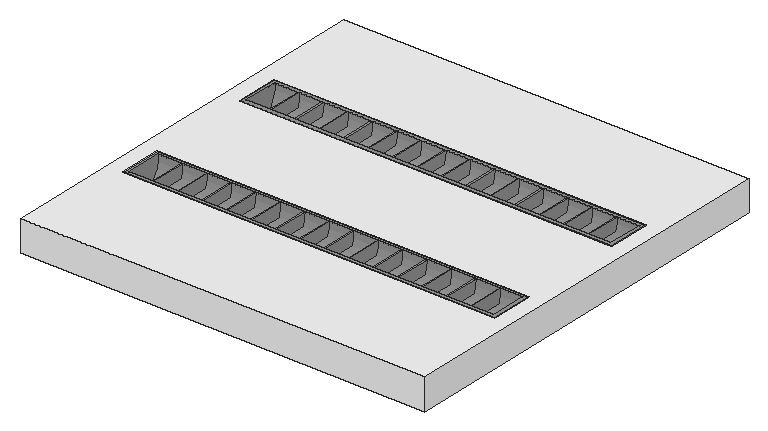
Revit family "0051235 Lighting Fixture_Sylvania_Rana LED 615x615-DALI Dimmable-4000K_Surface Mounted", category Lighting Fixtures, host Face, Revit 2015
Parameters (values of type "RANA LED D W CM+P 2*LH DA 4K")
  Width = 615.0 mm
  Weight = 3.50 kg
  Wattage = 64.3617 W
  built-in parameter 1150110 = 1 (stored number, unit not read)
  Voltage Comments = "UNV (Universal Voltage; 220-240 Volt)"  # constant formula
  Voltage = 230 V  # constant formula
  URL = "http://www.feilosylvania.com/"
  built-in parameter 1114217 = 1 (stored number, unit not read)
  Tilt Angle = -90.00°
  built-in parameter 1150109 = 1 (stored number, unit not read)
  built-in parameter 1150134 = 12
  built-in parameter 1150113 = 1 (stored number, unit not read)
  Reflector Material = Steel_Sylvania_RanaLED_Silver
  Product Page URL = "http://www.feilosylvania.com/product/en-int/products/0051235"
  Product Family = "Rana LED 615x615-Dali Dimmable-4000K Lamp"  # constant formula
  Photometry Comments = ""
  Photometric Web File = "0051235_RANALEDDWCM+P2LHDA4K-186740.ies"
  Louver Length = Length - 50.0 mm  # 565.0 mm
  Life = "50 000h"  # constant formula
  Length = Width  # 615.0 mm
  IP Rating = "20"  # constant formula
  IK Rating = "07"  # constant formula
  Height = 47.0 mm
  Energy Class = "A++, A+, A"  # constant formula
  built-in parameter 1114216 [instance] = 1 (stored number, unit not read)
  Model = "RANA LED D W CM+P 2*LH DA 4K"
  Manufacturer = "Feilo Sylvania"  # constant formula
  built-in parameter 1150105 = 3465.5 (stored number, unit not read)
  Lumens = 6050 lm
  built-in parameter 1150115 = 1 (stored number, unit not read)
  built-in parameter 1150137 = (empty or 0)
  built-in parameter 1150139 = (empty or 0)
  built-in parameter 1150112 = 1 (stored number, unit not read)
  built-in parameter 1150114 = 1 (stored number, unit not read)
  Lamp = "Integrated LED"  # constant formula
  built-in parameter 1150132 = 2
  built-in parameter 1150102 = (empty or 0)
  built-in parameter 1150107 = 4000 (stored number, unit not read)
  built-in parameter 1150138 = (empty or 0)
  built-in parameter 1150106 = 34.655 (stored number, unit not read)
  Emit from Rectangle Width = 287.0 mm  # constant formula
  Emit from Rectangle Length = Louver Length  # 565.0 mm
  Emit Shape Visible in Rendering = no
  built-in parameter 1150104 = 8.7329 (stored number, unit not read)
  Dimming Lamp Color Temperature Shift = <None>
  Description = "Provides perfect uniform light distribution greatly enhancing the lit space. Low profile for ease of installation in restricted ceiling voids. Two stage optic for optimum comfort and efficiency. UGR19 office compliant. Enclosed design reduces dust ingress and improves Lumen Maintenance Factor (LMF). 32W - 69W LED surface luminaire. Rana LED is perfect for office lighting applications, schools, airports and general lighting applications. Available with a satin optic and micro prism diffuser. Available in surface (615 X 615, 1183 X 1187). Rana LED delivers high efficiency up to 6,050lm (luminaire lumen output on 4,000K version), equating to 101lm/W (total system efficiency). Available in warm white (3,000K) and neutral white (4,000K). Integrated LED solution that has the same aesthetics as a T5 or T8 diffuse luminaire. Energy efficient electronic gear including DALI and 3 hour emergency versions as standard. Long lifetime: 50,000 hours life at 70% of the original output L70. Less maintenance is required due to the long lifetime of 50,000hrs. Energy Class: A++, A+, A. LED technology provides an energy efficient solution with reduced maintenance costs. Comes complete with safety cable"  # constant formula
  Default Elevation = 0.0 mm
  Color Filter = 16777215
  Catalog Number = "0051235 RANA LED D W CM+P 2*LH DA 4K"
  built-in parameter 1140040 [instance] = 1
  built-in parameter 1114218 = 1 (stored number, unit not read)
  built-in parameter 1150133 = 10 (stored number, unit not read)
  Assembly Code = "D5020200"
  Apparent Load Comments = ""
  Apparent Load = 64 VA
  Accessory Material = Aluminum_Sylvania_RanaLED_White
Types (5, lengths in mm): name | Weight | Wattage | built-in parameter 1150134 | Product Page URL | Photometric Web File | Model | built-in parameter 1150105 | Lumens | built-in parameter 1150107 | built-in parameter 1150106 | Catalog Number | Apparent Load
  RANA LED D W CM+P 2*LL 3K | 5.10 kg | 31.5957 W | (empty or 0) | "http://www.feilosylvania.com/product/en-int/products/0051223" | "0051223_RANALEDDWCM+P2LL3K-186491.ies" | "RANA LED D W CM+P 2*LL 3K" | 1712 (stored number, unit not read) | 2970 lm | 3000 (stored number, unit not read) | 17.12 (stored number, unit not read) | "0051223 RANA LED D W CM+P 2*LL 3K" | 32 VA
  RANA LED D W CM+P 3*LL 3K | 5.10 kg | 47.5532 W | (empty or 0) | "http://www.feilosylvania.com/product/en-int/products/0051231" | "0051231_RANALEDDWCM+P3LL3K-186501.ies" | "RANA LED D W CM+P 3*LL 3K" | 355.71 (stored number, unit not read) | 4470 lm | 3000 (stored number, unit not read) | 3.5571 (stored number, unit not read) | "0051231 RANA LED D W CM+P 3*LL 3K" | 48 VA
  RANA LED D W CM+P 2*LH 3K | 3.50 kg | 60.1064 W | (empty or 0) | "http://www.feilosylvania.com/product/en-int/products/0051239" | "0051239_RANALEDDWCM+P2LH3K-186511.ies" | "RANA LED D W CM+P 2*LH 3K" | 3250.7 (stored number, unit not read) | 5650 lm | 3000 (stored number, unit not read) | 32.507 (stored number, unit not read) | "0051239 RANA LED D W CM+P 2*LH 3K" | 64 VA
  RANA LED D W CM+P 2*LH 4K | 3.50 kg | 64.3617 W | 12 | "http://www.feilosylvania.com/product/en-int/products/0051234" | "0051234_RANALEDDWCM+P2LH4K-186556.ies" | "RANA LED D W CM+P 2*LH 4K" | 3465.5 (stored number, unit not read) | 6050 lm | 4000 (stored number, unit not read) | 34.655 (stored number, unit not read) | "0051234 RANA LED D W CM+P 2*LH 4K" | 64 VA
  RANA LED D W CM+P 2*LH DA 4K | 3.50 kg | 64.3617 W | 12 | "http://www.feilosylvania.com/product/en-int/products/0051235" | "0051235_RANALEDDWCM+P2LHDA4K-186740.ies" | "RANA LED D W CM+P 2*LH DA 4K" | 3465.5 (stored number, unit not read) | 6050 lm | 4000 (stored number, unit not read) | 34.655 (stored number, unit not read) | "0051235 RANA LED D W CM+P 2*LH DA 4K" | 64 VA
Reference planes
  plane 1 "Center (Front/Back)": y = 0
  plane 2 "Fixture Top": z = 0
  plane 3 "Center (Left/Right)": x = 0
  plane 4 "Fixture Left": x = -307.5
  plane 5 "Fixture Right": x = 307.5
  plane 6 "Fixture Back": y = 307.5
  plane 7 "Fixture Front": y = -307.5
  plane 8: x = -305.5
  plane 9: x = 305.5
  plane 10: y = 305.5
  plane 11: y = -305.5
  plane 12: y = 143.5
  plane 13: x = -282.5
  plane 14: x = 282.5
  plane 15: y = 78.5
  plane 16: y = -143.5
  plane 17: y = -78.5
  plane 18 "Fixture Bottom": z = 47
  plane 19: z = 45
  plane 20: z = 2
Forms (mm)
  Extrusion 1, solid, material "Aluminum_Sylvania_RanaLED_White" <- "Accessory Material", detail levels fine
    sketch origin (0, 0, 60) x (-1, 0, 0) y (0, -1, 0)
      loop
        line (307.5, -307.5) -> (307.5, 307.5) -> (-307.5, 307.5) -> (-307.5, -307.5) -> (307.5, -307.5)
      loop
        line (282.5, -78.5) -> (-282.5, -78.5) -> (-282.5, -143.5) -> (282.5, -143.5) -> (282.5, -78.5)
      loop
        line (-282.5, 78.5) -> (282.5, 78.5) -> (282.5, 143.5) -> (-282.5, 143.5) -> (-282.5, 78.5)
    from -15 to -13
  Extrusion 2, solid, material "Aluminum_Sylvania_RanaLED_White" <- "Accessory Material", detail levels fine
    sketch origin (0, 0, 60) x (-1, 0, 0) y (0, -1, 0)
      loop
        line (-307.5, -307.5) -> (307.5, -307.5) -> (307.5, 307.5) -> (-307.5, 307.5) -> (-307.5, -307.5)
      loop
        line (-305.5, -305.5) -> (305.5, -305.5) -> (305.5, 305.5) -> (-305.5, 305.5) -> (-305.5, -305.5)
    from -58 to -15
  Extrusion 3, solid, material "Aluminum_Sylvania_RanaLED_White" <- "Accessory Material", detail levels fine
    sketch origin (0, 0, 60) x (-1, 0, 0) y (0, -1, 0)
      loop
        line (-307.5, -307.5) -> (307.5, -307.5) -> (307.5, 307.5) -> (-307.5, 307.5) -> (-307.5, -307.5)
    from -60 to -58
  Extrusion 4, solid, material "Aluminum_Sylvania_RanaLED_White" <- "Accessory Material", detail levels coarse+medium
    sketch origin (0, 0, 60) x (-1, 0, 0) y (0, -1, 0)
      loop
        line (307.5, -307.5) -> (307.5, 307.5) -> (-307.5, 307.5) -> (-307.5, -307.5) -> (307.5, -307.5)
    from -60 to -13
Cuts and joins
  joined: Extrusion 1, Extrusion 2, Extrusion 3
Dimensions and locks
  equal spacing: plane 6 "Fixture Back", plane 1 "Center (Front/Back)", plane 7 "Fixture Front"
  "Width": plane 6 "Fixture Back" to plane 7 "Fixture Front"
  equal spacing: plane 4 "Fixture Left", plane 3 "Center (Left/Right)", plane 5 "Fixture Right"
  "Length": plane 4 "Fixture Left" to plane 5 "Fixture Right"
  locked: plane 4 "Fixture Left" to plane 8 at 2
  locked: plane 9 to plane 5 "Fixture Right" at 2
  locked: plane 6 "Fixture Back" to plane 10 at 2
  locked: plane 7 "Fixture Front" to plane 11 at 2
  locked: plane 4 "Fixture Left" to plane 13 at 25
  locked: plane 14 to plane 5 "Fixture Right" at 25
  locked: plane 12 to plane 1 "Center (Front/Back)" at 143.5
  locked: plane 16 to plane 1 "Center (Front/Back)" at 143.5
  locked: plane 1 "Center (Front/Back)" to plane 15 at 78.5
  locked: plane 17 to plane 1 "Center (Front/Back)" at 78.5
  "Height": plane 18 "Fixture Bottom" to plane 2 "Fixture Top"
  locked: plane 18 "Fixture Bottom" to plane 19 at 2
  locked: plane 20 to plane 2 "Fixture Top" at 2
  aligned and locked: plane 2 "Fixture Top" to host face
  aligned and locked: level to host face
  aligned and locked: Extrusion 1 sketch curve to plane 6 "Fixture Back"
  aligned and locked: plane 4 "Fixture Left" to Extrusion 1 sketch curve
  aligned and locked: Extrusion 1 sketch curve to plane 7 "Fixture Front"
  aligned and locked: plane 5 "Fixture Right" to Extrusion 1 sketch curve
  aligned and locked: Extrusion 1 sketch curve to plane 15
  aligned and locked: Extrusion 1 sketch curve to plane 13  (x2)
  aligned and locked: plane 12 to Extrusion 1 sketch curve
  aligned and locked: Extrusion 1 sketch curve to plane 14  (x2)
  aligned and locked: Extrusion 1 sketch curve to plane 17
  aligned and locked: plane 16 to Extrusion 1 sketch curve
  aligned and locked: Extrusion 1 to plane 19
  aligned and locked: plane 18 "Fixture Bottom" to Extrusion 1
  aligned and locked: Extrusion 2 sketch curve to Extrusion 1  (x4)
  aligned and locked: plane 10 to Extrusion 2 sketch curve
  aligned and locked: Extrusion 2 sketch curve to plane 9
  aligned and locked: plane 11 to Extrusion 2 sketch curve
  aligned and locked: Extrusion 2 sketch curve to plane 8
  aligned and locked: Extrusion 2 to plane 20
  aligned and locked: plane 19 to Extrusion 2
  aligned and locked: Extrusion 3 sketch curve to Extrusion 1  (x4)
  aligned and locked: Extrusion 3 to plane 2 "Fixture Top"
  aligned and locked: plane 20 to Extrusion 3
  aligned and locked: plane 14 to nested 1
  aligned and locked: nested 1 to plane 12
  aligned and locked: plane 14 to nested 2
  aligned and locked: plane 17 to nested 2
  aligned and locked: nested 2 to plane 18 "Fixture Bottom"
  aligned and locked: nested 1 to plane 18 "Fixture Bottom"
  aligned and locked: plane 3 "Center (Left/Right)" to imposter light
  aligned and locked: imposter light to plane 1 "Center (Front/Back)"
  aligned and locked: plane 18 "Fixture Bottom" to imposter light
  aligned and locked: Extrusion 4 sketch curve to cut or joined group of Extrusion 1, Extrusion 2, Extrusion 3  (x4)
  aligned and locked: Extrusion 4 to plane 2 "Fixture Top"
  aligned and locked: plane 18 "Fixture Bottom" to Extrusion 4
Automatic sketch dimensions
  host sketch curve to host sketch curve = 1713.741 mm
  host sketch curve to host sketch curve = 1283.632 mm
Nested families
  nested 1: "Reflector Rana LED" at (0, 111, 7) x (0, 1, 0) z (0, 0, 1), type "Type", detail levels fine
    with Length 565.0 mm
  nested 2: "Reflector Rana LED" at (0, -111, 7) x (0, 1, 0) z (0, 0, 1), type "Type", detail levels fine
    with Length 565.0 mm
Connectors
  electrical at (0, 0, 0), driven by "Voltage", driven by "Apparent Load"
    settings: on cut or joined group of Extrusion 1, Extrusion 2, Extrusion 3, index 1, voltage 230 V, apparent load 0 VA, apparent load phase1 64 VA, apparent load phase2 0 VA, apparent load phase3 0 VA, power factor 1, load classification "Lighting", number of poles 1, system type 31, power factor state 1, is connector primary yes, connector utility no, sub classification motor no, connector description ""
Definition of nested family "Reflector Rana LED"
  Parameters
    Length = 558.0 mm
    Lamella Number = Length / 39.0 mm  # 14
    Height = 40.0 mm
    Width = 65.0 mm
    Default Elevation = 0.0 mm
    Reflector Material = none
  Reference planes
    plane 1 "Center (Front/Back)": y = 0
    plane 2: z = 0
    plane 3 "Center (Left/Right)": x = 0
    plane 4: x = 32.5
    plane 5: x = -32.5
    plane 6: z = 40
    plane 7: x = -27.5
    plane 8: x = 27.5
    plane 9: z = 3
    plane 10: x = -15
    plane 11: x = 15
    plane 12: y = 279
    plane 13: y = -279
    plane 14: y = 239
    plane 15: y = -239
    plane 16: y = 274
    plane 17: y = -274
    plane 18: z = 20
    plane 19: z = 38.5
  Forms (mm)
    Extrusion 1, solid, material <- "Reflector Material"
      sketch origin (0, 0, 0) x (1, 0, 0) y (0, 0, 1)
        loop
          line (-27.5, 40) -> (-32.5, 40) -> (-32.5, 0) -> (32.5, 0) -> (32.5, 40) -> (27.5, 40)
          arc (27.5, 40) -> (24.712, 20.33) -> (15, 3) r 54
          line (15, 3) -> (-15, 3)
          arc (-15, 3) -> (-24.712, 20.33) -> (-27.5, 40) r 54
      from -279 to 279
    Extrusion 2, solid, material <- "Reflector Material"
      sketch origin (0, 0, 0) x (1, 0, 0) y (0, 0, 1)
        loop
          line (32.5, 40) -> (-32.5, 40) -> (-32.5, 0) -> (32.5, 0) -> (32.5, 40)
      from 274 to 279
    Extrusion 3, solid, material <- "Reflector Material"
      sketch origin (0, 0, 0) x (1, 0, 0) y (0, 0, -1)
        loop
          line (32.5, -40) -> (32.5, 0) -> (-32.5, 0) -> (-32.5, -40) -> (32.5, -40)
      from 274 to 279
    Extrusion 4, solid, material <- "Reflector Material"
      sketch origin (0, -1, 0) x (1, 0, 0) y (0, 0, 1)
        loop
          line (-24.599, 20) -> (24.599, 20)
          arc (24.599, 20) -> (26.881, 29.121) -> (27.545, 38.5) r 54
          line (27.545, 38.5) -> (-27.545, 38.5)
          arc (-27.545, 38.5) -> (-26.881, 29.121) -> (-24.599, 20) r 54
      from -240 to -238
    Extrusion 5, solid, material <- "Reflector Material"
      sketch origin (0, -477, 0) x (1, 0, 0) y (0, 0, 1)
        loop
          line (-24.599, 20) -> (24.599, 20)
          arc (24.599, 20) -> (26.881, 29.121) -> (27.545, 38.5) r 54
          line (27.545, 38.5) -> (-27.545, 38.5)
          arc (-27.545, 38.5) -> (-26.881, 29.121) -> (-24.599, 20) r 54
      from -240 to -238
    Extrusion 6, solid, material <- "Reflector Material"
      sketch origin (0, -37.615, 0) x (1, 0, 0) y (0, 0, 1)
        loop
          line (-24.599, 20) -> (24.599, 20)
          arc (24.599, 20) -> (26.881, 29.121) -> (27.545, 38.5) r 54
          line (27.545, 38.5) -> (-27.545, 38.5)
          arc (-27.545, 38.5) -> (-26.881, 29.121) -> (-24.599, 20) r 54
      from -240 to -238
    Extrusion 7, solid, material <- "Reflector Material"
      sketch origin (0, -74.231, 0) x (1, 0, 0) y (0, 0, 1)
        loop
          line (-24.599, 20) -> (24.599, 20)
          arc (24.599, 20) -> (26.881, 29.121) -> (27.545, 38.5) r 54
          line (27.545, 38.5) -> (-27.545, 38.5)
          arc (-27.545, 38.5) -> (-26.881, 29.121) -> (-24.599, 20) r 54
      from -240 to -238
    Extrusion 8, solid, material <- "Reflector Material"
      sketch origin (0, -110.846, 0) x (1, 0, 0) y (0, 0, 1)
        loop
          line (-24.599, 20) -> (24.599, 20)
          arc (24.599, 20) -> (26.881, 29.121) -> (27.545, 38.5) r 54
          line (27.545, 38.5) -> (-27.545, 38.5)
          arc (-27.545, 38.5) -> (-26.881, 29.121) -> (-24.599, 20) r 54
      from -240 to -238
    Extrusion 9, solid, material <- "Reflector Material"
      sketch origin (0, -147.462, 0) x (1, 0, 0) y (0, 0, 1)
        loop
          line (-24.599, 20) -> (24.599, 20)
          arc (24.599, 20) -> (26.881, 29.121) -> (27.545, 38.5) r 54
          line (27.545, 38.5) -> (-27.545, 38.5)
          arc (-27.545, 38.5) -> (-26.881, 29.121) -> (-24.599, 20) r 54
      from -240 to -238
    Extrusion 10, solid, material <- "Reflector Material"
      sketch origin (0, -184.077, 0) x (1, 0, 0) y (0, 0, 1)
        loop
          line (-24.599, 20) -> (24.599, 20)
          arc (24.599, 20) -> (26.881, 29.121) -> (27.545, 38.5) r 54
          line (27.545, 38.5) -> (-27.545, 38.5)
          arc (-27.545, 38.5) -> (-26.881, 29.121) -> (-24.599, 20) r 54
      from -240 to -238
    Extrusion 11, solid, material <- "Reflector Material"
      sketch origin (0, -220.692, 0) x (1, 0, 0) y (0, 0, 1)
        loop
          line (-24.599, 20) -> (24.599, 20)
          arc (24.599, 20) -> (26.881, 29.121) -> (27.545, 38.5) r 54
          line (27.545, 38.5) -> (-27.545, 38.5)
          arc (-27.545, 38.5) -> (-26.881, 29.121) -> (-24.599, 20) r 54
      from -240 to -238
    Extrusion 12, solid, material <- "Reflector Material"
      sketch origin (0, -257.308, 0) x (1, 0, 0) y (0, 0, 1)
        loop
          line (-24.599, 20) -> (24.599, 20)
          arc (24.599, 20) -> (26.881, 29.121) -> (27.545, 38.5) r 54
          line (27.545, 38.5) -> (-27.545, 38.5)
          arc (-27.545, 38.5) -> (-26.881, 29.121) -> (-24.599, 20) r 54
      from -240 to -238
    Extrusion 13, solid, material <- "Reflector Material"
      sketch origin (0, -293.923, 0) x (1, 0, 0) y (0, 0, 1)
        loop
          line (-24.599, 20) -> (24.599, 20)
          arc (24.599, 20) -> (26.881, 29.121) -> (27.545, 38.5) r 54
          line (27.545, 38.5) -> (-27.545, 38.5)
          arc (-27.545, 38.5) -> (-26.881, 29.121) -> (-24.599, 20) r 54
      from -240 to -238
    Extrusion 14, solid, material <- "Reflector Material"
      sketch origin (0, -330.538, 0) x (1, 0, 0) y (0, 0, 1)
        loop
          line (-24.599, 20) -> (24.599, 20)
          arc (24.599, 20) -> (26.881, 29.121) -> (27.545, 38.5) r 54
          line (27.545, 38.5) -> (-27.545, 38.5)
          arc (-27.545, 38.5) -> (-26.881, 29.121) -> (-24.599, 20) r 54
      from -240 to -238
    Extrusion 15, solid, material <- "Reflector Material"
      sketch origin (0, -367.154, 0) x (1, 0, 0) y (0, 0, 1)
        loop
          line (-24.599, 20) -> (24.599, 20)
          arc (24.599, 20) -> (26.881, 29.121) -> (27.545, 38.5) r 54
          line (27.545, 38.5) -> (-27.545, 38.5)
          arc (-27.545, 38.5) -> (-26.881, 29.121) -> (-24.599, 20) r 54
      from -240 to -238
    Extrusion 16, solid, material <- "Reflector Material"
      sketch origin (0, -403.769, 0) x (1, 0, 0) y (0, 0, 1)
        loop
          line (-24.599, 20) -> (24.599, 20)
          arc (24.599, 20) -> (26.881, 29.121) -> (27.545, 38.5) r 54
          line (27.545, 38.5) -> (-27.545, 38.5)
          arc (-27.545, 38.5) -> (-26.881, 29.121) -> (-24.599, 20) r 54
      from -240 to -238
    Extrusion 17, solid, material <- "Reflector Material"
      sketch origin (0, -440.385, 0) x (1, 0, 0) y (0, 0, 1)
        loop
          line (-24.599, 20) -> (24.599, 20)
          arc (24.599, 20) -> (26.881, 29.121) -> (27.545, 38.5) r 54
          line (27.545, 38.5) -> (-27.545, 38.5)
          arc (-27.545, 38.5) -> (-26.881, 29.121) -> (-24.599, 20) r 54
      from -240 to -238
  Cuts and joins
    joined: Extrusion 1, Extrusion 2, Extrusion 3
  Dimensions and locks
    equal spacing: plane 4, plane 3 "Center (Left/Right)", plane 5
    "Width": plane 5 to plane 4
    "Height": plane 6 to level
    locked: plane 7 to plane 5 at 5
    locked: plane 8 to plane 4 at 5
    locked: plane 5 to plane 10 at 17.5
    locked: plane 4 to plane 11 at 17.5
    equal spacing: plane 13, plane 1 "Center (Front/Back)", plane 12
    "Length": plane 12 to plane 13
    locked: plane 12 to plane 14 at 40
    locked: plane 15 to plane 13 at 40
    locked: plane 17 to plane 13 at 5
    locked: plane 12 to plane 16 at 5
    equal spacing: group 1, group 3, group 4, group 5, group 6, group 7, group 8, group 9, group 10, group 11, group 12, group 13, group 14, group 2  (x2)
    equal spacing: group 2, group 14, group 13, group 12, group 11, group 10, group 9, group 8, group 7, group 6, group 5, group 4, group 3, group 1
    locked: plane 6 to plane 19 at 1.5
    locked: plane 6 to plane 18 at 20
    locked: plane 6 to plane 9 at 37
    aligned and locked: level to plane 2
    aligned and locked: plane 10 to Extrusion 1 sketch curve
    aligned and locked: plane 6 to Extrusion 1 sketch curve
    aligned and locked: plane 7 to Extrusion 1 sketch curve
    aligned and locked: plane 8 to Extrusion 1 sketch curve
    aligned and locked: plane 9 to Extrusion 1 sketch curve  (x2)
    aligned and locked: plane 11 to Extrusion 1 sketch curve
    aligned and locked: Extrusion 1 sketch curve to plane 5
    aligned and locked: plane 2 to Extrusion 1 sketch curve
    aligned and locked: Extrusion 1 sketch curve to plane 4
    aligned and locked: Extrusion 1 sketch curve to plane 6  (x2)
    aligned and locked: plane 12 to Extrusion 1
    aligned and locked: Extrusion 1 to plane 13
    aligned and locked: Extrusion 2 sketch curve to Extrusion 1  (x4)
    aligned and locked: Extrusion 2 to plane 13
    aligned and locked: Extrusion 2 to plane 17
    aligned and locked: plane 12 to Extrusion 3
    aligned and locked: Extrusion 3 to plane 16
    aligned and locked: Extrusion 4 to plane 14
    aligned and locked: Extrusion 5 to plane 15
    aligned and locked: plane 14 to Extrusion 4
    aligned and locked: Extrusion 4 to plane 18
    aligned and locked: plane 19 to Extrusion 4
    aligned and locked: plane 19 to Extrusion 5
    aligned and locked: Extrusion 5 to plane 18
  Automatic sketch dimensions
    Extrusion 1 sketch curve to plane 19 = 0.886 mm  (x2)
    plane 5 to Extrusion 3 sketch curve = 0.0 mm
    Extrusion 3 sketch curve to level = 0.0 mm
    Extrusion 3 sketch curve to plane 4 = 0.0 mm
    Extrusion 3 sketch curve to plane 6 = 0.0 mm
    Extrusion 4 sketch curve to Extrusion 4 sketch curve = 2.946 mm  (x2)
    Extrusion 4 sketch curve to Extrusion 4 sketch curve = 49.199 mm
    Extrusion 4 sketch curve to Extrusion 4 sketch curve = 1.098 mm  (x2)
    Extrusion 4 sketch curve to Extrusion 4 sketch curve = 18.5 mm
    Extrusion 5 sketch curve to Extrusion 5 sketch curve = 2.946 mm  (x2)
    Extrusion 5 sketch curve to Extrusion 5 sketch curve = 49.199 mm
    Extrusion 5 sketch curve to Extrusion 5 sketch curve = 1.098 mm  (x2)
    Extrusion 5 sketch curve to Extrusion 5 sketch curve = 18.5 mm
    Extrusion 6 sketch curve to Extrusion 6 sketch curve = 2.946 mm  (x2)
    Extrusion 6 sketch curve to Extrusion 6 sketch curve = 49.199 mm
    Extrusion 6 sketch curve to Extrusion 6 sketch curve = 1.098 mm  (x2)
    Extrusion 6 sketch curve to Extrusion 6 sketch curve = 18.5 mm
    Extrusion 7 sketch curve to Extrusion 7 sketch curve = 2.946 mm  (x2)
    Extrusion 7 sketch curve to Extrusion 7 sketch curve = 49.199 mm
    Extrusion 7 sketch curve to Extrusion 7 sketch curve = 1.098 mm  (x2)
    Extrusion 7 sketch curve to Extrusion 7 sketch curve = 18.5 mm
    Extrusion 8 sketch curve to Extrusion 8 sketch curve = 2.946 mm  (x2)
    Extrusion 8 sketch curve to Extrusion 8 sketch curve = 49.199 mm
    Extrusion 8 sketch curve to Extrusion 8 sketch curve = 1.098 mm  (x2)
    Extrusion 8 sketch curve to Extrusion 8 sketch curve = 18.5 mm
    Extrusion 9 sketch curve to Extrusion 9 sketch curve = 2.946 mm  (x2)
    Extrusion 9 sketch curve to Extrusion 9 sketch curve = 49.199 mm
    Extrusion 9 sketch curve to Extrusion 9 sketch curve = 1.098 mm  (x2)
    Extrusion 9 sketch curve to Extrusion 9 sketch curve = 18.5 mm
    Extrusion 10 sketch curve to Extrusion 10 sketch curve = 2.946 mm  (x2)
    Extrusion 10 sketch curve to Extrusion 10 sketch curve = 49.199 mm
    Extrusion 10 sketch curve to Extrusion 10 sketch curve = 1.098 mm  (x2)
    Extrusion 10 sketch curve to Extrusion 10 sketch curve = 18.5 mm
    Extrusion 11 sketch curve to Extrusion 11 sketch curve = 2.946 mm  (x2)
    Extrusion 11 sketch curve to Extrusion 11 sketch curve = 49.199 mm
    Extrusion 11 sketch curve to Extrusion 11 sketch curve = 1.098 mm  (x2)
    Extrusion 11 sketch curve to Extrusion 11 sketch curve = 18.5 mm
    Extrusion 12 sketch curve to Extrusion 12 sketch curve = 2.946 mm  (x2)
    Extrusion 12 sketch curve to Extrusion 12 sketch curve = 49.199 mm
    Extrusion 12 sketch curve to Extrusion 12 sketch curve = 1.098 mm  (x2)
    Extrusion 12 sketch curve to Extrusion 12 sketch curve = 18.5 mm
    Extrusion 13 sketch curve to Extrusion 13 sketch curve = 2.946 mm  (x2)
    Extrusion 13 sketch curve to Extrusion 13 sketch curve = 49.199 mm
    Extrusion 13 sketch curve to Extrusion 13 sketch curve = 1.098 mm  (x2)
    Extrusion 13 sketch curve to Extrusion 13 sketch curve = 18.5 mm
    Extrusion 14 sketch curve to Extrusion 14 sketch curve = 2.946 mm  (x2)
    Extrusion 14 sketch curve to Extrusion 14 sketch curve = 49.199 mm
    Extrusion 14 sketch curve to Extrusion 14 sketch curve = 1.098 mm  (x2)
    Extrusion 14 sketch curve to Extrusion 14 sketch curve = 18.5 mm
    Extrusion 15 sketch curve to Extrusion 15 sketch curve = 2.946 mm  (x2)
    Extrusion 15 sketch curve to Extrusion 15 sketch curve = 49.199 mm
    Extrusion 15 sketch curve to Extrusion 15 sketch curve = 1.098 mm  (x2)
    Extrusion 15 sketch curve to Extrusion 15 sketch curve = 18.5 mm
    Extrusion 16 sketch curve to Extrusion 16 sketch curve = 2.946 mm  (x2)
    Extrusion 16 sketch curve to Extrusion 16 sketch curve = 49.199 mm
    Extrusion 16 sketch curve to Extrusion 16 sketch curve = 1.098 mm  (x2)
    Extrusion 16 sketch curve to Extrusion 16 sketch curve = 18.5 mm
    Extrusion 17 sketch curve to Extrusion 17 sketch curve = 2.946 mm  (x2)
    Extrusion 17 sketch curve to Extrusion 17 sketch curve = 49.199 mm
    Extrusion 17 sketch curve to Extrusion 17 sketch curve = 1.098 mm  (x2)
    Extrusion 17 sketch curve to Extrusion 17 sketch curve = 18.5 mm
